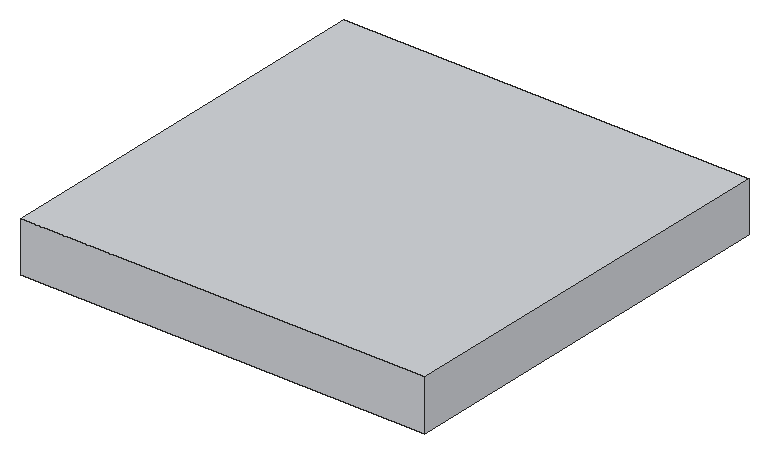
Revit family "110-WC-4.8_RFA", category Modelos genéricos, Revit 2021
Family settings
  Anfitrión = Cara
  Puede alojar armadura = No
  Cota de conector redondo = Diámetro de uso
  Tipo de pieza = Normal
  Número OmniClass = 23.45.05.14.99
  Título OmniClass = Other Sanitary Washing Plumbing Fixtures
  Corte con vacíos al cargar = No
  Compartido = Sí
  Punto de cálculo de habitación = Sí
Parameters (values of type "110-WC-4.8")
  URL = "http://www.helvex.com.mx/flux%C3%B3metro-110-wc-48"
  Imagen de tipo = 110-WC-4.8.jpg
  Comentarios de tipo = "Fluxómetro para W. C. de manija"
  Note = "La tubería de alimentación debe tener un Ø 32 mm mínimo y debe conectarse una reducción de campana de 32 mm - 25 mm a la llave de retención."
  Modelo = "110-WC-4.8"
  Min. Working Pressure = 14.22 psi
  Max. Working Pressure = 85.34 psi
  Material = Brass Chromed
  Fabricante = "HELVEX S.A. DE C.V."
  Descripción = "Fluxómetro para W. C. de manija con recubrimiento antibacterial. Entrada superior para spud de 32 mm ó 38 mm. Descarga de 4,8 l por accionamiento. Camisa recortable. Conexión izquierda o derecha. Niple recto Ø 32 mm x 9\" de largo"
  Elevación por defecto = 17.0"
  Connection = "1\""
  Compliance = "NOM-005-CONAGUA-1996"
Reference planes (in)
  plane 1 "Center (Front/Back)": y = 0
  plane 2: z = 0
  plane 3 "Center (Left/Right)": x = 0
  plane 4: z = 17
  plane 5: z = 18
  plane 6: y = -7
Forms (in)
  Extrusion 1, solid
    sketch origin (0, 0, 0) x (1, 0, 0) y (0, 1, 0)
      loop
        line (-48, 48) -> (-48, -48) -> (48, -48) -> (48, 48) -> (-48, 48)
    from 0 to -12
Dimensions and locks (in)
  plane 4 to level = 17.0"
  plane 5 to plane 4 = 1.0"
  locked: plane 1 "Center (Front/Back)" to plane 6 at 7
  aligned and locked: plane 2 to Extrusion 1
  aligned and locked: level to Extrusion 1
Connectors (in)
  piping at (-5.452, 0.176, 29.47142), diameter 0.5
    settings: on import instance, index 1, connector inside diameter 609.6 mm, connector length 0.0", flow factor 0, pipe flow 0.0 L/s, pressure drop 0.0 psi, fitting loss kfactor 0, connector angle 0.00°, fixture units 0, engagement length 0.0", angle of deflection 0.00°, flow configuration 0, flow direction 0, fitting loss method 0, system type 7, joint type 0, gender type 0, connector reference index -1, connector utility 0, adjustable connector no, is connector primary yes, connector description ""
